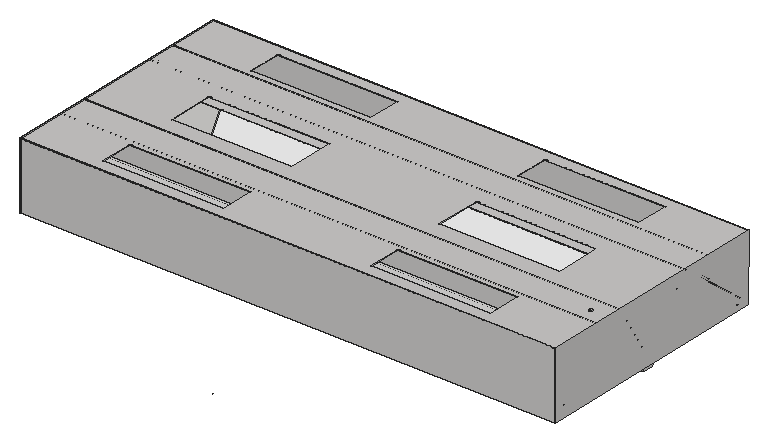
Revit family "QF_ELECTROLUXPROFESSIONAL_640238_STCF1840", category Specialty Equipment, Revit 2014
Reference planes
  plane 1: z = 0
  plane 2 "Center (Left/Right)": x = 150
  plane 3 "LEFT": x = -1850
  plane 4 "RIGHT": x = 2150
  plane 5 "BACK": y = 550
  plane 6 "TOP": z = 2500
  plane 7 "Base": z = 2000
  plane 8: z = 1955
  plane 9: x = -1847
  plane 10 "DrainX": x = 2030
  plane 11 "AOLeft2": x = -400
  plane 12 "AORight1": x = 700
  plane 13: x = 2147
  plane 14: x = -1650
  plane 15: x = 1950
  plane 16 "Center (Front/Back)": y = -350
  plane 17 "Front": y = -1250
  plane 18 "AOLeft1": x = -1300
  plane 19 "AORight2": x = 1600
  plane 20 "EI_y": y = -770
  plane 21 "EIx": x = 2030
  plane 22: y = 464
  plane 23: y = 214
  plane 24: y = -1164
  plane 25: y = -914
  plane 26: y = -175
  plane 27: y = -525
Forms (mm)
  Extrusion 1, solid, material "QF_Finishes_Stainless Steel"
    sketch origin (-1850, 0, 360) x (0, 1, 0) y (0, 0, 1)
      loop
        line (550, 1640) -> (550, 2140) -> (-1250, 2140) -> (-1250, 1640) -> (550, 1640)
    from 0 to 3
  Extrusion 2, solid, material "QF_Finishes_Stainless Steel"
    sketch origin (2150, 0, 360) x (0, 1, 0) y (0, 0, 1)
      loop
        line (550, 1640) -> (550, 2140) -> (-1250, 2140) -> (-1250, 1640) -> (550, 1640)
    from 0 to -3
  Extrusion 3, solid, material "QF_Finishes_Stainless Steel"
    sketch origin (150, 0, 360) x (0, 1, 0) y (0, 0, 1)
      loop
        line (-1250, 2140) -> (-1250, 1640) -> (-1240, 1640) -> (-1240, 1640.8) -> (-1249.2, 1640.8) -> (-1249.2, 2139.19) -> (549.2, 2139.19) -> (549.2, 1640.8) -> (540, 1640.8) -> (540, 1640) -> (550, 1640) -> (550, 2140) -> (-1250, 2140)
    from -2000 to 2000
  Extrusion 4, solid, material "QF_Finishes_Stainless Steel"
    sketch origin (0, -840, 2000) x (0, 1, 0) y (-1, 0, 0)
      loop
        circle (490, -2030) r 4.763
    from -30 to 0
  Extrusion 5, void
    sketch origin (0, 0, 2500) x (0, 1, 0) y (-1, 0, 0)
      loop
        line (-1164, 400) -> (-914, 400) -> (-914, 1300) -> (-1164, 1300) -> (-1164, 400)
    from 0 to -10
  Extrusion 6, solid, material "QF_Finishes_Stainless Steel"
    sketch origin (0, 0, 0) x (1, 0, 0) y (0, 1, 0)
      loop
        line (-1850, 550) -> (-1850, 549) -> (-1849, 549) -> (-1849, 550) -> (-1850, 550)
    from 0 to 1
  Sweep 7, solid, material "QF_Finishes_Stainless Steel"
    path origin (0, 0, 0) x (1, 0, 0) y (0, 1, 0)
      loop
        line (2150, 550) -> (-1850, 550) -> (-1850, -1250) -> (2150, -1250) -> (2150, 550)
    profile origin (2150, -350, 0) x (1, 0, 0) y (0, 0, 1)
      loop
        line (-3, 2000) -> (-3, 2000.8) -> (-19, 2000.8) -> (-19, 2010) -> (-20, 2010) -> (-20, 2000) -> (-3, 2000)
  Extrusion 8, solid, material "QF_Finishes_Stainless Steel"
    sketch origin (150, -826.94, 0) x (0, 1, 0) y (0, 0, 1)
      loop
        line (414.66, 2095.469) -> (440.643, 2110.471) -> (261.744, 2411.771) -> (235.948, 2396.455) -> (414.66, 2095.469)
    from -1997 to -1800
  Extrusion 9, void
    sketch origin (1134.605, 0, 2500) x (0, 1, 0) y (-1, 0, 0)
      loop
        line (-1164, -465.395) -> (-914, -465.395) -> (-914, 434.605) -> (-1164, 434.605) -> (-1164, -465.395)
    from 0 to -10
  Extrusion 10, solid, material "QF_Finishes_Stainless Steel"
    sketch origin (2030, -840, 0) x (0, 1, 0) y (0, 0, 1)
      loop
        line (539, 2000) -> (441, 2000) -> (441, 1989) -> (448.5, 1989) -> (448.5, 1965)
        arc (448.5, 1965) -> (451.429, 1957.929) -> (458.5, 1955) r 10
        line (458.5, 1955) -> (521.5, 1955)
        arc (521.5, 1955) -> (528.571, 1957.929) -> (531.5, 1965) r 10
        line (531.5, 1965) -> (531.5, 1989) -> (539, 1989) -> (539, 2000)
    from 90 to -90
  Extrusion 11, solid, material "QF_Finishes_Stainless Steel"
    sketch origin (150, -826.94, 0) x (0, 1, 0) y (0, 0, 1)
      loop
        line (414.66, 2095.469) -> (440.643, 2110.471) -> (261.744, 2411.771) -> (235.948, 2396.455) -> (414.66, 2095.469)
    from 1800 to 1997
  Extrusion 12, solid, material "QF_Finished_Chrome"
    sketch origin (150, -826.94, 0) x (0, 1, 0) y (0, 0, 1)
      loop
        line (414.66, 2095.469) -> (440.643, 2110.471) -> (261.744, 2411.771) -> (235.948, 2396.455) -> (414.66, 2095.469)
    from -1800 to 1800
  Extrusion 13, void
    sketch origin (0, 1180, 2500) x (0, 1, 0) y (-1, 0, 0)
      loop
        line (-1355, 400) -> (-1355, 1300) -> (-1705, 1300) -> (-1705, 400) -> (-1355, 400)
    from 0 to -10
  Extrusion 14, void
    sketch origin (1600, 1180, 2500) x (0, 1, 0) y (-1, 0, 0)
      loop
        line (-1355, 0) -> (-1355, 900) -> (-1705, 900) -> (-1705, 0) -> (-1355, 0)
    from 0 to -10
  Extrusion 15, solid, material "QF_Finishes_Stainless Steel"
    sketch origin (0, 0, 2500) x (0, 1, 0) y (-1, 0, 0)
      loop
        circle (-770, -2030) r 10
    from 0 to 1.6
  Extrusion 16, solid, material "QF_Finishes_Stainless Steel"
    sketch origin (150, -826.94, 360) x (0, 1, 0) y (0, 0, 1)
      loop
        line (430.005, 1640) -> (476.94, 1640) -> (476.94, 1640.8) -> (430.467, 1640.8) -> (371.906, 1742.23) -> (414.858, 1734.657) -> (442.266, 1750.481) -> (442.266, 1765.943) -> (441.466, 1765.943) -> (441.466, 1750.943) -> (414.709, 1735.495) -> (321.153, 1751.991) -> (320.875, 1750.416) -> (371.4, 1741.507) -> (430.005, 1640)
      loop
        line (172.529, 2139.19) -> (242.893, 2017.316) -> (245.133, 2018.715) -> (240.13, 2027.381) -> (238.569, 2026.405) -> (173.453, 2139.19) -> (172.529, 2139.19)
    from -1997 to 1997
  Extrusion 17, solid, material "QF_LAMPS"
    sketch origin (150, 0, 360) x (0, 1, 0) y (0, 0, 1)
      loop
        line (-872.823, 1962.324) -> (-718.948, 2086.929) -> (-727.129, 2097.032) -> (-881.003, 1972.426) -> (-872.823, 1962.324)
    from 1997 to -1997
  Extrusion 18, solid, material "QF_Finishes_Stainless Steel"
    sketch origin (150, 0, 360) x (0, 1, 0) y (0, 0, 1)
      loop
        line (-1250, 2139.19) -> (-1250, 1640) -> (-1186.602, 1640) -> (-1099.146, 1690.493) -> (-1110.058, 1709.394) -> (-1166.564, 1676.77) -> (-1214.704, 1680.982) -> (-1249.2, 1730.248) -> (-1249.2, 2139.19) -> (-1250, 2139.19)
      loop
        line (-873.6, 1961.694) -> (-881.937, 1971.99) -> (-869.095, 1982.182) -> (-869.095, 2139.19) -> (-869.895, 2139.19) -> (-869.895, 1982.569) -> (-1182.298, 1734.63) -> (-1171.091, 1720.79) -> (-873.6, 1961.694)
      loop
        line (-727.61, 2099.216) -> (-718.171, 2087.559) -> (-654.411, 2139.19) -> (-655.682, 2139.19) -> (-718.052, 2088.684) -> (-726.989, 2099.719) -> (-727.61, 2099.216)
    from -1997 to 1997
  Extrusion 19, solid, material "QF_Finishes_Stainless Steel"
    sketch origin (150, 126.94, 360) x (0, -1, 0) y (0, 0, -1)
      loop
        line (430.005, -1640) -> (371.4, -1741.507) -> (320.875, -1750.416) -> (321.153, -1751.991) -> (414.709, -1735.495) -> (441.466, -1750.943) -> (441.466, -1765.943) -> (442.266, -1765.943) -> (442.266, -1750.481) -> (414.858, -1734.657) -> (371.906, -1742.23) -> (430.467, -1640.8) -> (476.94, -1640.8) -> (476.94, -1640) -> (430.005, -1640)
      loop
        line (172.529, -2139.19) -> (173.453, -2139.19) -> (238.569, -2026.405) -> (240.13, -2027.381) -> (245.133, -2018.715) -> (242.893, -2017.316) -> (172.529, -2139.19)
    from -1997 to 1997
  Extrusion 20, solid, material "QF_LAMPS"
    sketch origin (150, -700, 360) x (0, -1, 0) y (0, 0, -1)
      loop
        line (-872.823, -1962.324) -> (-881.003, -1972.426) -> (-727.129, -2097.032) -> (-718.948, -2086.929) -> (-872.823, -1962.324)
    from 1997 to -1997
  Extrusion 21, solid, material "QF_Finishes_Stainless Steel"
    sketch origin (150, -700, 360) x (0, -1, 0) y (0, 0, -1)
      loop
        line (-1250, -2139.19) -> (-1249.2, -2139.19) -> (-1249.2, -1730.248) -> (-1214.704, -1680.982) -> (-1166.564, -1676.77) -> (-1110.058, -1709.394) -> (-1099.146, -1690.493) -> (-1186.602, -1640) -> (-1250, -1640) -> (-1250, -2139.19)
      loop
        line (-873.6, -1961.694) -> (-1171.091, -1720.79) -> (-1182.298, -1734.63) -> (-869.895, -1982.569) -> (-869.895, -2139.19) -> (-869.095, -2139.19) -> (-869.095, -1982.182) -> (-881.937, -1971.99) -> (-873.6, -1961.694)
      loop
        line (-727.61, -2099.216) -> (-726.989, -2099.719) -> (-718.052, -2088.684) -> (-655.682, -2139.19) -> (-654.411, -2139.19) -> (-718.171, -2087.559) -> (-727.61, -2099.216)
    from -1997 to 1997
  Extrusion 22, solid, material "QF_Finishes_Stainless Steel"
    sketch origin (150, 126.94, 0) x (0, -1, 0) y (0, 0, -1)
      loop
        line (414.66, -2095.469) -> (235.948, -2396.455) -> (261.744, -2411.771) -> (440.643, -2110.471) -> (414.66, -2095.469)
    from -1997 to -1400
  Extrusion 23, solid, material "QF_Finishes_Stainless Steel"
    sketch origin (150, 126.94, 0) x (0, -1, 0) y (0, 0, -1)
      loop
        line (414.66, -2095.469) -> (235.948, -2396.455) -> (261.744, -2411.771) -> (440.643, -2110.471) -> (414.66, -2095.469)
    from 1400 to 1997
  Extrusion 24, solid, material "QF_Finished_Chrome"
    sketch origin (150, 126.94, 0) x (0, -1, 0) y (0, 0, -1)
      loop
        line (414.66, -2095.469) -> (235.948, -2396.455) -> (261.744, -2411.771) -> (440.643, -2110.471) -> (414.66, -2095.469)
    from -1800 to 1800
  Extrusion 25, void
    sketch origin (0, 814, 2500) x (0, 1, 0) y (-1, 0, 0)
      loop
        line (-600, 400) -> (-350, 400) -> (-350, 1300) -> (-600, 1300) -> (-600, 400)
    from 0 to -10
  Extrusion 26, void
    sketch origin (1134.605, 814, 2500) x (0, 1, 0) y (-1, 0, 0)
      loop
        line (-600, -465.395) -> (-350, -465.395) -> (-350, 434.605) -> (-600, 434.605) -> (-600, -465.395)
    from 0 to -10
  Extrusion 27, solid, material "QF_Finishes_Stainless Steel"
    sketch origin (150, 126.94, 0) x (0, -1, 0) y (0, 0, -1)
      loop
        line (414.66, -2095.469) -> (235.948, -2396.455) -> (261.744, -2411.771) -> (440.643, -2110.471) -> (414.66, -2095.469)
    from -1997 to -1800
  Extrusion 28, solid, material "QF_Finishes_Stainless Steel"
    sketch origin (150, 126.94, 0) x (0, -1, 0) y (0, 0, -1)
      loop
        line (414.66, -2095.469) -> (235.948, -2396.455) -> (261.744, -2411.771) -> (440.643, -2110.471) -> (414.66, -2095.469)
    from 1997 to 1800
Cuts and joins
  Extrusion 5, Extrusion 9, Extrusion 13, Extrusion 14, Extrusion 25, Extrusion 26 cuts Extrusion 3
  joined: Extrusion 2, Extrusion 3, Sweep 7
Lines and regions (mm)
  symbolic lines, style "SpecialityEquipment", detail levels coarse
    curve 1: line (2150, 550, 2500) -> (-1850, 550, 2500)
    curve 2: line (-1850, 550, 2500) -> (-1850, -1250, 2500)
    curve 3: line (2150, -1250, 2500) -> (2150, 550, 2500)
    curve 4: line (-1850, 550, 0) -> (2150, -1250, 0)
    curve 5: line (2150, 550, 0) -> (-1850, -1250, 0)
    curve 6: line (-1850, -1250, 0) -> (2150, -1250, 0)
  symbolic lines, detail levels coarse
    curve 7: line (-1300, 464, 2500) -> (-400, 464, 2500)
    curve 8: line (-1300, 214, 2500) -> (-1300, 464, 2500)
    curve 9: line (-400, 214, 2500) -> (-1300, 214, 2500)
    curve 10: line (-400, 464, 2500) -> (-400, 214, 2500)
    curve 11: line (700, 464, 2500) -> (1600, 464, 2500)
    curve 12: line (700, 214, 2500) -> (700, 464, 2500)
    curve 13: line (1600, 214, 2500) -> (700, 214, 2500)
    curve 14: line (1600, 464, 2500) -> (1600, 214, 2500)
    curve 15: line (700, -175, 2500) -> (1600, -175, 2500)
    curve 16: line (700, -525, 2500) -> (700, -175, 2500)
    curve 17: line (1600, -525, 2500) -> (700, -525, 2500)
    curve 18: line (1600, -175, 2500) -> (1600, -525, 2500)
    curve 19: line (700, -914, 2500) -> (1600, -914, 2500)
    curve 20: line (700, -1164, 2500) -> (700, -914, 2500)
    curve 21: line (1600, -1164, 2500) -> (700, -1164, 2500)
    curve 22: line (1600, -914, 2500) -> (1600, -1164, 2500)
    curve 23: line (-1300, -914, 2500) -> (-400, -914, 2500)
    curve 24: line (-1300, -1164, 2500) -> (-1300, -914, 2500)
    curve 25: line (-400, -1164, 2500) -> (-1300, -1164, 2500)
    curve 26: line (-400, -914, 2500) -> (-400, -1164, 2500)
    curve 27: line (-1300, -175, 2500) -> (-400, -175, 2500)
    curve 28: line (-1300, -525, 2500) -> (-1300, -175, 2500)
    curve 29: line (-400, -525, 2500) -> (-1300, -525, 2500)
    curve 30: line (-400, -175, 2500) -> (-400, -525, 2500)
Dimensions and locks
  plane 3 "LEFT" to plane 4 "RIGHT" = 4000 mm
  equal spacing: plane 3 "LEFT", plane 2 "Center (Left/Right)", plane 4 "RIGHT"
  plane 7 "Base" to plane 8 = 45 mm
  plane 3 "LEFT" to plane 9 = 3 mm
  plane 10 "DrainX" to plane 4 "RIGHT" = 120 mm
  plane 13 to plane 4 "RIGHT" = 3 mm
  plane 3 "LEFT" to plane 14 = 200 mm
  plane 15 to plane 4 "RIGHT" = 200 mm
  locked: plane 11 "AOLeft2" to plane 12 "AORight1" at 1100
  equal spacing: plane 11 "AOLeft2", plane 2 "Center (Left/Right)", plane 12 "AORight1"
  locked: plane 7 "Base" to level at 2000
  locked: plane 6 "TOP" to plane 7 "Base" at 500
  equal spacing: plane 5 "BACK", plane 16 "Center (Front/Back)", plane 17 "Front"
  locked: plane 18 "AOLeft1" to plane 11 "AOLeft2" at 900
  locked: plane 12 "AORight1" to plane 19 "AORight2" at 900
  locked: plane 20 "EI_y" to plane 17 "Front" at 480
  locked: plane 21 "EIx" to plane 4 "RIGHT" at 120
  locked: plane 5 "BACK" to plane 22 at 86
  plane 22 to plane 23 = 250 mm
  locked: plane 24 to plane 17 "Front" at 86
  locked: plane 24 to plane 25 at 250
  plane 26 to plane 16 "Center (Front/Back)" = 175 mm
  plane 16 "Center (Front/Back)" to plane 27 = 175 mm
  locked: plane 5 "BACK" to plane 17 "Front" at 1800
  plane 5 "BACK" to plane 17 "Front" = 1800 mm
  plane 26 to plane 27 = 350 mm
  aligned and locked: level to plane 1
  aligned and locked: plane 4 "RIGHT" to Extrusion 3
  aligned and locked: Extrusion 3 to plane 3 "LEFT"
  aligned and locked: Extrusion 2 to plane 13
  aligned and locked: Extrusion 8 to plane 9
  aligned and locked: plane 18 "AOLeft1" to Extrusion 5
  aligned and locked: Extrusion 5 to plane 11 "AOLeft2"
  aligned and locked: Extrusion 9 to plane 19 "AORight2"
  aligned and locked: plane 12 "AORight1" to Extrusion 9
  aligned and locked: plane 14 to Extrusion 8
  aligned and locked: plane 15 to Extrusion 11
  aligned and locked: plane 13 to Extrusion 11
  aligned and locked: Extrusion 12 to plane 14
  aligned and locked: Extrusion 12 to plane 15
  aligned and locked: plane 12 "AORight1" to Extrusion 14
  aligned and locked: plane 19 "AORight2" to Extrusion 14
  aligned and locked: Extrusion 13 to plane 18 "AOLeft1"
  aligned and locked: Extrusion 13 to plane 11 "AOLeft2"
  aligned and locked: Extrusion 16 to plane 9
  aligned and locked: plane 13 to Extrusion 16
  aligned and locked: Extrusion 24 to plane 14
  aligned and locked: Extrusion 24 to plane 15
  aligned and locked: plane 24 to Extrusion 5
  aligned and locked: Extrusion 5 to plane 25
  aligned and locked: Extrusion 9 to plane 25
  aligned and locked: plane 24 to Extrusion 9
  aligned and locked: Extrusion 25 to plane 18 "AOLeft1"
  aligned and locked: Extrusion 25 to plane 11 "AOLeft2"
  aligned and locked: plane 12 "AORight1" to Extrusion 26
  aligned and locked: plane 19 "AORight2" to Extrusion 26
  aligned and locked: plane 26 to Extrusion 13
  aligned and locked: Extrusion 13 to plane 27
  aligned and locked: plane 26 to Extrusion 14
  aligned and locked: Extrusion 14 to plane 27
  aligned and locked: plane 22 to Extrusion 25
  aligned and locked: Extrusion 25 to plane 23
  aligned and locked: plane 22 to Extrusion 26
  aligned and locked: Extrusion 26 to plane 23
  aligned and locked: Extrusion 21 to plane 9
  aligned and locked: Extrusion 20 to plane 9
  aligned and locked: Extrusion 19 to plane 9
  aligned and locked: plane 9 to Extrusion 22
  aligned and locked: Extrusion 18 to plane 9
  aligned and locked: Extrusion 17 to plane 9
  aligned and locked: plane 13 to Extrusion 21
  aligned and locked: plane 13 to Extrusion 20
  aligned and locked: plane 13 to Extrusion 19
  aligned and locked: Extrusion 23 to plane 13
  aligned and locked: plane 13 to Extrusion 17
  aligned and locked: Extrusion 18 to plane 13
  aligned and locked: plane 14 to Extrusion 27
  aligned and locked: Extrusion 27 to plane 9
  aligned and locked: Extrusion 28 to plane 13
  aligned and locked: plane 15 to Extrusion 28
Automatic sketch dimensions
  curve 6 to plane 3 "LEFT" = 0 mm
  curve 4 to plane 3 "LEFT" = 0 mm
  curve 5 to plane 4 "RIGHT" = 0 mm
  curve 6 to plane 4 "RIGHT" = 0 mm
  curve 4 to plane 17 "Front" = 0 mm
  curve 5 to plane 5 "BACK" = 0 mm
  curve 4 to plane 5 "BACK" = 0 mm
  Extrusion 1 sketch curve to plane 7 "Base" = 0 mm
  Extrusion 1 sketch curve to plane 17 "Front" = 0 mm
  Extrusion 1 sketch curve to plane 5 "BACK" = 0 mm
  Extrusion 1 sketch curve to plane 6 "TOP" = 0 mm
  Extrusion 2 sketch curve to plane 7 "Base" = 0 mm
  Extrusion 2 sketch curve to plane 17 "Front" = 0 mm
  Extrusion 2 sketch curve to plane 5 "BACK" = 0 mm
  Extrusion 2 sketch curve to plane 6 "TOP" = 0 mm
  Extrusion 3 sketch curve to plane 6 "TOP" = 0 mm
  Extrusion 3 sketch curve to plane 17 "Front" = 0 mm
  Extrusion 3 sketch curve to plane 7 "Base" = 0 mm  (x2)
  Extrusion 3 sketch curve to plane 5 "BACK" = 0 mm
  plane 17 "Front" to Extrusion 3 sketch curve = 0.8 mm
  Extrusion 3 sketch curve to Extrusion 3 sketch curve = 9.2 mm
  plane 7 "Base" to Extrusion 3 sketch curve = 0.8 mm  (x2)
  Extrusion 3 sketch curve to plane 5 "BACK" = 10 mm
  Extrusion 3 sketch curve to plane 5 "BACK" = 0.8 mm
  Extrusion 3 sketch curve to plane 6 "TOP" = 0.81 mm
  Extrusion 4 sketch curve to plane 10 "DrainX" = 0 mm
  Extrusion 4 sketch curve to plane 16 "Center (Front/Back)" = 0 mm
  Extrusion 5 sketch curve to plane 18 "AOLeft1" = 0 mm
  plane 24 to Extrusion 5 sketch curve = 0 mm
  Extrusion 5 sketch curve to plane 11 "AOLeft2" = 0 mm
  plane 25 to Extrusion 5 sketch curve = 0 mm
  Extrusion 6 sketch curve to plane 3 "LEFT" = 0 mm
  Extrusion 6 sketch curve to plane 5 "BACK" = 0 mm
  plane 3 "LEFT" to Extrusion 6 sketch curve = 1 mm
  Extrusion 6 sketch curve to Extrusion 6 sketch curve = 1 mm
  Sweep 7 sketch curve to plane 3 "LEFT" = 0 mm
  Sweep 7 sketch curve to plane 4 "RIGHT" = 0 mm
  Sweep 7 sketch curve to plane 17 "Front" = 0 mm
  Sweep 7 sketch curve to plane 5 "BACK" = 0 mm
  profile plane to Sweep 7 sketch curve = 20 mm
  Sweep 7 sketch curve to Sweep 7 sketch curve = 1 mm
  profile plane to Sweep 7 sketch curve = 3 mm
  level to Sweep 7 sketch curve = 2000 mm
  Sweep 7 sketch curve to Sweep 7 sketch curve = 0.8 mm
  Sweep 7 sketch curve to Sweep 7 sketch curve = 9.2 mm
  Extrusion 8 sketch curve to plane 27 = 65.992 mm
  Extrusion 8 sketch curve to Extrusion 8 sketch curve = 25.795 mm
  Extrusion 8 sketch curve to plane 16 "Center (Front/Back)" = 62.28 mm
  Extrusion 8 sketch curve to Extrusion 8 sketch curve = 25.983 mm
  plane 7 "Base" to Extrusion 8 sketch curve = 95.469 mm
  Extrusion 8 sketch curve to Extrusion 8 sketch curve = 15.001 mm
  Extrusion 8 sketch curve to plane 6 "TOP" = 103.545 mm
  Extrusion 8 sketch curve to Extrusion 8 sketch curve = 15.316 mm
  Extrusion 9 sketch curve to plane 12 "AORight1" = 0 mm
  plane 24 to Extrusion 9 sketch curve = 0 mm
  Extrusion 9 sketch curve to plane 19 "AORight2" = 0 mm
  plane 25 to Extrusion 9 sketch curve = 0 mm
  Extrusion 10 sketch curve to plane 8 = 0 mm
  Extrusion 10 sketch curve to plane 7 "Base" = 11 mm  (x2)
  Extrusion 10 sketch curve to plane 16 "Center (Front/Back)" = 49 mm
  Extrusion 10 sketch curve to Extrusion 10 sketch curve = 7.5 mm  (x2)
  Extrusion 10 sketch curve to Extrusion 10 sketch curve = 10 mm  (x2)
  plane 16 "Center (Front/Back)" to Extrusion 10 sketch curve = 31.5 mm
  plane 7 "Base" to Extrusion 10 sketch curve = 0 mm
  Extrusion 11 sketch curve to plane 27 = 65.992 mm
  Extrusion 11 sketch curve to Extrusion 11 sketch curve = 25.795 mm
  Extrusion 11 sketch curve to plane 16 "Center (Front/Back)" = 62.28 mm
  Extrusion 11 sketch curve to Extrusion 11 sketch curve = 25.983 mm
  plane 7 "Base" to Extrusion 11 sketch curve = 95.469 mm
  Extrusion 11 sketch curve to Extrusion 11 sketch curve = 15.001 mm
  Extrusion 11 sketch curve to plane 6 "TOP" = 103.545 mm
  Extrusion 11 sketch curve to Extrusion 11 sketch curve = 15.316 mm
  Extrusion 12 sketch curve to plane 27 = 65.992 mm
  Extrusion 12 sketch curve to Extrusion 12 sketch curve = 25.795 mm
  Extrusion 12 sketch curve to plane 16 "Center (Front/Back)" = 62.28 mm
  Extrusion 12 sketch curve to Extrusion 12 sketch curve = 25.983 mm
  plane 7 "Base" to Extrusion 12 sketch curve = 95.469 mm
  Extrusion 12 sketch curve to Extrusion 12 sketch curve = 15.001 mm
  Extrusion 12 sketch curve to plane 6 "TOP" = 103.545 mm
  Extrusion 12 sketch curve to Extrusion 12 sketch curve = 15.316 mm
  Extrusion 13 sketch curve to plane 11 "AOLeft2" = 0 mm
  Extrusion 13 sketch curve to plane 27 = 0 mm
  Extrusion 13 sketch curve to plane 26 = 0 mm
  Extrusion 13 sketch curve to plane 18 "AOLeft1" = 0 mm
  Extrusion 14 sketch curve to plane 19 "AORight2" = 0 mm
  Extrusion 14 sketch curve to plane 27 = 0 mm
  Extrusion 14 sketch curve to plane 26 = 0 mm
  Extrusion 14 sketch curve to plane 12 "AORight1" = 0 mm
  Extrusion 15 sketch curve to plane 20 "EI_y" = 0 mm
  Extrusion 15 sketch curve to plane 21 "EIx" = 0 mm
  Extrusion 16 sketch curve to plane 7 "Base" = 0 mm
  Extrusion 16 sketch curve to plane 6 "TOP" = 0.81 mm
  plane 20 "EI_y" to Extrusion 16 sketch curve = 115.589 mm
  Extrusion 16 sketch curve to Extrusion 16 sketch curve = 0.924 mm
  Extrusion 16 sketch curve to plane 27 = 63.371 mm
  Extrusion 16 sketch curve to Extrusion 16 sketch curve = 1.561 mm
  Extrusion 16 sketch curve to Extrusion 16 sketch curve = 4.324 mm
  Extrusion 16 sketch curve to Extrusion 16 sketch curve = 2.24 mm
  plane 27 to Extrusion 16 sketch curve = 18.935 mm
  Extrusion 16 sketch curve to Extrusion 16 sketch curve = 0.278 mm
  Extrusion 16 sketch curve to Extrusion 16 sketch curve = 50.525 mm
  Extrusion 16 sketch curve to Extrusion 16 sketch curve = 0.506 mm
  Extrusion 16 sketch curve to Extrusion 16 sketch curve = 42.803 mm
  Extrusion 16 sketch curve to Extrusion 16 sketch curve = 0.148 mm
  Extrusion 16 sketch curve to plane 16 "Center (Front/Back)" = 46.935 mm
  plane 7 "Base" to Extrusion 16 sketch curve = 0.8 mm
  Extrusion 16 sketch curve to Extrusion 16 sketch curve = 0.462 mm  (x2)
  Extrusion 16 sketch curve to Extrusion 16 sketch curve = 46.473 mm
  Extrusion 16 sketch curve to plane 16 "Center (Front/Back)" = 35.474 mm
  Extrusion 16 sketch curve to Extrusion 16 sketch curve = 0.8 mm
  plane 7 "Base" to Extrusion 16 sketch curve = 94.657 mm
  Extrusion 16 sketch curve to Extrusion 16 sketch curve = 0.838 mm
  Extrusion 16 sketch curve to Extrusion 16 sketch curve = 6.012 mm
  Extrusion 16 sketch curve to Extrusion 16 sketch curve = 0.723 mm
  Extrusion 16 sketch curve to Extrusion 16 sketch curve = 14.986 mm
  Extrusion 16 sketch curve to Extrusion 16 sketch curve = 15 mm
  Extrusion 16 sketch curve to plane 6 "TOP" = 122.684 mm
  Extrusion 16 sketch curve to Extrusion 16 sketch curve = 1.399 mm
  Extrusion 16 sketch curve to Extrusion 16 sketch curve = 9.089 mm
  Extrusion 16 sketch curve to Extrusion 16 sketch curve = 0.975 mm
  Extrusion 17 sketch curve to plane 25 = 32.997 mm
  Extrusion 17 sketch curve to Extrusion 17 sketch curve = 8.181 mm  (x2)
  plane 20 "EI_y" to Extrusion 17 sketch curve = 42.871 mm
  Extrusion 17 sketch curve to plane 6 "TOP" = 177.676 mm
  Extrusion 17 sketch curve to Extrusion 17 sketch curve = 10.102 mm
  Extrusion 17 sketch curve to plane 6 "TOP" = 53.071 mm
  Extrusion 17 sketch curve to Extrusion 17 sketch curve = 10.103 mm
  Extrusion 18 sketch curve to plane 7 "Base" = 0 mm
  Extrusion 18 sketch curve to plane 17 "Front" = 0 mm
  Extrusion 18 sketch curve to Extrusion 18 sketch curve = 0.8 mm  (x2)
  plane 17 "Front" to Extrusion 18 sketch curve = 35.296 mm
  plane 24 to Extrusion 18 sketch curve = 22.602 mm
  plane 24 to Extrusion 18 sketch curve = 18.298 mm
  plane 24 to Extrusion 18 sketch curve = 7.091 mm
  plane 24 to Extrusion 18 sketch curve = 2.564 mm
  Extrusion 18 sketch curve to plane 24 = 53.942 mm
  Extrusion 18 sketch curve to Extrusion 18 sketch curve = 10.912 mm
  Extrusion 18 sketch curve to plane 25 = 32.063 mm
  Extrusion 18 sketch curve to Extrusion 18 sketch curve = 8.337 mm
  Extrusion 18 sketch curve to Extrusion 18 sketch curve = 12.042 mm
  plane 20 "EI_y" to Extrusion 18 sketch curve = 42.39 mm
  Extrusion 18 sketch curve to Extrusion 18 sketch curve = 0.622 mm
  Extrusion 18 sketch curve to Extrusion 18 sketch curve = 9.44 mm
  Extrusion 18 sketch curve to Extrusion 18 sketch curve = 0.118 mm
  Extrusion 18 sketch curve to plane 6 "TOP" = 0.81 mm  (x3)
  Extrusion 18 sketch curve to Extrusion 18 sketch curve = 62.37 mm
  Extrusion 18 sketch curve to Extrusion 18 sketch curve = 1.271 mm
  plane 7 "Base" to Extrusion 18 sketch curve = 36.77 mm
  plane 7 "Base" to Extrusion 18 sketch curve = 40.982 mm
  plane 7 "Base" to Extrusion 18 sketch curve = 50.493 mm
  Extrusion 18 sketch curve to Extrusion 18 sketch curve = 18.901 mm
  Extrusion 18 sketch curve to Extrusion 18 sketch curve = 44.02 mm
  Extrusion 18 sketch curve to Extrusion 18 sketch curve = 49.266 mm
  Extrusion 18 sketch curve to Extrusion 18 sketch curve = 13.84 mm
  Extrusion 18 sketch curve to plane 6 "TOP" = 178.306 mm
  Extrusion 18 sketch curve to Extrusion 18 sketch curve = 10.296 mm
  Extrusion 18 sketch curve to Extrusion 18 sketch curve = 10.192 mm
  Extrusion 18 sketch curve to Extrusion 18 sketch curve = 0.386 mm
  Extrusion 18 sketch curve to plane 6 "TOP" = 52.441 mm
  Extrusion 18 sketch curve to Extrusion 18 sketch curve = 1.125 mm
  Extrusion 19 sketch curve to plane 7 "Base" = 0 mm
  plane 6 "TOP" to Extrusion 19 sketch curve = 0.81 mm
  Extrusion 19 sketch curve to plane 26 = 129.411 mm
  Extrusion 19 sketch curve to Extrusion 19 sketch curve = 0.924 mm
  Extrusion 19 sketch curve to plane 26 = 63.371 mm
  Extrusion 19 sketch curve to Extrusion 19 sketch curve = 1.561 mm
  Extrusion 19 sketch curve to Extrusion 19 sketch curve = 4.324 mm
  Extrusion 19 sketch curve to Extrusion 19 sketch curve = 2.24 mm
  plane 26 to Extrusion 19 sketch curve = 18.935 mm
  Extrusion 19 sketch curve to Extrusion 19 sketch curve = 0.278 mm
  Extrusion 19 sketch curve to Extrusion 19 sketch curve = 50.525 mm
  Extrusion 19 sketch curve to Extrusion 19 sketch curve = 0.506 mm
  Extrusion 19 sketch curve to Extrusion 19 sketch curve = 42.803 mm
  Extrusion 19 sketch curve to Extrusion 19 sketch curve = 0.148 mm
  Extrusion 19 sketch curve to plane 16 "Center (Front/Back)" = 46.935 mm
  Extrusion 19 sketch curve to plane 7 "Base" = 0.8 mm
  Extrusion 19 sketch curve to Extrusion 19 sketch curve = 0.462 mm  (x2)
  Extrusion 19 sketch curve to Extrusion 19 sketch curve = 46.473 mm
  Extrusion 19 sketch curve to plane 16 "Center (Front/Back)" = 35.474 mm
  Extrusion 19 sketch curve to Extrusion 19 sketch curve = 0.8 mm
  Extrusion 19 sketch curve to plane 7 "Base" = 94.657 mm
  Extrusion 19 sketch curve to Extrusion 19 sketch curve = 0.838 mm
  Extrusion 19 sketch curve to Extrusion 19 sketch curve = 6.012 mm
  Extrusion 19 sketch curve to Extrusion 19 sketch curve = 0.723 mm
  Extrusion 19 sketch curve to Extrusion 19 sketch curve = 14.986 mm
  Extrusion 19 sketch curve to Extrusion 19 sketch curve = 15 mm
  plane 6 "TOP" to Extrusion 19 sketch curve = 122.684 mm
  Extrusion 19 sketch curve to Extrusion 19 sketch curve = 1.399 mm
  Extrusion 19 sketch curve to Extrusion 19 sketch curve = 9.089 mm
  Extrusion 19 sketch curve to Extrusion 19 sketch curve = 0.975 mm
  plane 23 to Extrusion 20 sketch curve = 32.997 mm
  Extrusion 20 sketch curve to Extrusion 20 sketch curve = 8.181 mm  (x2)
  plane 6 "TOP" to Extrusion 20 sketch curve = 42.968 mm
  plane 23 to Extrusion 20 sketch curve = 186.871 mm
  plane 6 "TOP" to Extrusion 20 sketch curve = 53.071 mm
  plane 6 "TOP" to Extrusion 20 sketch curve = 167.574 mm
  Extrusion 20 sketch curve to Extrusion 20 sketch curve = 10.102 mm
  Extrusion 21 sketch curve to plane 5 "BACK" = 0 mm
  Extrusion 21 sketch curve to plane 7 "Base" = 0 mm
  Extrusion 21 sketch curve to Extrusion 21 sketch curve = 0.8 mm  (x2)
  plane 5 "BACK" to Extrusion 21 sketch curve = 35.296 mm
  Extrusion 21 sketch curve to plane 22 = 22.602 mm
  Extrusion 21 sketch curve to plane 22 = 18.298 mm
  Extrusion 21 sketch curve to plane 22 = 7.091 mm
  Extrusion 21 sketch curve to plane 22 = 2.564 mm
  plane 22 to Extrusion 21 sketch curve = 53.942 mm
  Extrusion 21 sketch curve to Extrusion 21 sketch curve = 10.912 mm
  plane 23 to Extrusion 21 sketch curve = 32.063 mm
  Extrusion 21 sketch curve to Extrusion 21 sketch curve = 8.337 mm
  Extrusion 21 sketch curve to Extrusion 21 sketch curve = 12.042 mm
  plane 6 "TOP" to Extrusion 21 sketch curve = 40.784 mm
  Extrusion 21 sketch curve to Extrusion 21 sketch curve = 141.485 mm
  plane 6 "TOP" to Extrusion 21 sketch curve = 40.281 mm
  Extrusion 21 sketch curve to Extrusion 21 sketch curve = 0.622 mm
  plane 6 "TOP" to Extrusion 21 sketch curve = 52.441 mm
  plane 6 "TOP" to Extrusion 21 sketch curve = 51.316 mm
  plane 6 "TOP" to Extrusion 21 sketch curve = 0.81 mm  (x3)
  Extrusion 21 sketch curve to Extrusion 21 sketch curve = 62.37 mm
  Extrusion 21 sketch curve to Extrusion 21 sketch curve = 1.271 mm
  Extrusion 21 sketch curve to plane 7 "Base" = 36.77 mm
  Extrusion 21 sketch curve to plane 7 "Base" = 40.982 mm
  Extrusion 21 sketch curve to plane 7 "Base" = 50.493 mm
  Extrusion 21 sketch curve to Extrusion 21 sketch curve = 18.901 mm
  Extrusion 21 sketch curve to Extrusion 21 sketch curve = 44.02 mm
  Extrusion 21 sketch curve to Extrusion 21 sketch curve = 49.266 mm
  Extrusion 21 sketch curve to Extrusion 21 sketch curve = 13.84 mm
  plane 6 "TOP" to Extrusion 21 sketch curve = 178.306 mm
  Extrusion 21 sketch curve to Extrusion 21 sketch curve = 10.296 mm
  Extrusion 21 sketch curve to Extrusion 21 sketch curve = 10.192 mm
  Extrusion 21 sketch curve to Extrusion 21 sketch curve = 0.386 mm
  Extrusion 22 sketch curve to plane 26 = 65.992 mm
  Extrusion 22 sketch curve to Extrusion 22 sketch curve = 25.795 mm
  Extrusion 22 sketch curve to plane 16 "Center (Front/Back)" = 62.28 mm
  Extrusion 22 sketch curve to Extrusion 22 sketch curve = 25.983 mm
  Extrusion 22 sketch curve to plane 7 "Base" = 95.469 mm
  Extrusion 22 sketch curve to Extrusion 22 sketch curve = 15.001 mm
  plane 6 "TOP" to Extrusion 22 sketch curve = 103.545 mm
  Extrusion 22 sketch curve to Extrusion 22 sketch curve = 15.316 mm
  Extrusion 23 sketch curve to plane 26 = 65.992 mm
  Extrusion 23 sketch curve to Extrusion 23 sketch curve = 25.795 mm
  Extrusion 23 sketch curve to plane 16 "Center (Front/Back)" = 62.28 mm
  Extrusion 23 sketch curve to Extrusion 23 sketch curve = 25.983 mm
  Extrusion 23 sketch curve to plane 7 "Base" = 95.469 mm
  Extrusion 23 sketch curve to Extrusion 23 sketch curve = 15.001 mm
  plane 6 "TOP" to Extrusion 23 sketch curve = 103.545 mm
  Extrusion 23 sketch curve to Extrusion 23 sketch curve = 15.316 mm
  Extrusion 24 sketch curve to plane 26 = 65.992 mm
  Extrusion 24 sketch curve to Extrusion 24 sketch curve = 25.795 mm
  Extrusion 24 sketch curve to plane 16 "Center (Front/Back)" = 62.28 mm
  Extrusion 24 sketch curve to Extrusion 24 sketch curve = 25.983 mm
  Extrusion 24 sketch curve to plane 7 "Base" = 95.469 mm
  Extrusion 24 sketch curve to Extrusion 24 sketch curve = 15.001 mm
  plane 6 "TOP" to Extrusion 24 sketch curve = 103.545 mm
  Extrusion 24 sketch curve to Extrusion 24 sketch curve = 15.316 mm
  Extrusion 25 sketch curve to plane 18 "AOLeft1" = 0 mm
  Extrusion 25 sketch curve to plane 23 = 0 mm
  Extrusion 25 sketch curve to plane 11 "AOLeft2" = 0 mm
  Extrusion 25 sketch curve to plane 22 = 0 mm
  Extrusion 26 sketch curve to plane 12 "AORight1" = 0 mm
  Extrusion 26 sketch curve to plane 23 = 0 mm
  Extrusion 26 sketch curve to plane 19 "AORight2" = 0 mm
  Extrusion 26 sketch curve to plane 22 = 0 mm
  Extrusion 27 sketch curve to plane 26 = 65.992 mm
  Extrusion 27 sketch curve to Extrusion 27 sketch curve = 25.795 mm
  Extrusion 27 sketch curve to plane 16 "Center (Front/Back)" = 62.28 mm
  Extrusion 27 sketch curve to Extrusion 27 sketch curve = 25.983 mm
  Extrusion 27 sketch curve to plane 7 "Base" = 95.469 mm
  Extrusion 27 sketch curve to Extrusion 27 sketch curve = 15.001 mm
  plane 6 "TOP" to Extrusion 27 sketch curve = 103.545 mm
  Extrusion 27 sketch curve to Extrusion 27 sketch curve = 15.316 mm
  Extrusion 28 sketch curve to plane 26 = 65.992 mm
  Extrusion 28 sketch curve to Extrusion 28 sketch curve = 25.795 mm
  Extrusion 28 sketch curve to plane 16 "Center (Front/Back)" = 62.28 mm
  Extrusion 28 sketch curve to Extrusion 28 sketch curve = 25.983 mm
  Extrusion 28 sketch curve to plane 7 "Base" = 95.469 mm
  Extrusion 28 sketch curve to Extrusion 28 sketch curve = 15.001 mm
  plane 6 "TOP" to Extrusion 28 sketch curve = 103.545 mm
  Extrusion 28 sketch curve to Extrusion 28 sketch curve = 15.316 mm
  curve 2 to plane 3 "LEFT" = 0 mm
  curve 2 to plane 17 "Front" = 0 mm
  curve 3 to plane 4 "RIGHT" = 0 mm
  curve 3 to plane 17 "Front" = 0 mm
  curve 20 to plane 12 "AORight1" = 0 mm
  plane 24 to curve 20 = 0 mm
  curve 24 to plane 18 "AOLeft1" = 0 mm
  plane 24 to curve 24 = 0 mm
  plane 25 to curve 24 = 0 mm
  plane 25 to curve 19 = 0 mm
  curve 29 to plane 11 "AOLeft2" = 0 mm
  curve 29 to plane 27 = 0 mm
  curve 17 to plane 12 "AORight1" = 0 mm
  curve 17 to plane 27 = 0 mm
  curve 16 to plane 26 = 0 mm
  curve 27 to plane 26 = 0 mm
  curve 12 to plane 12 "AORight1" = 0 mm
  curve 12 to plane 23 = 0 mm
  curve 10 to plane 11 "AOLeft2" = 0 mm
  curve 10 to plane 23 = 0 mm
  curve 8 to plane 18 "AOLeft1" = 0 mm
  curve 8 to plane 22 = 0 mm
  curve 11 to plane 22 = 0 mm
  curve 1 to plane 5 "BACK" = 0 mm
  curve 15 to plane 19 "AORight2" = 0 mm
  curve 22 to plane 19 "AORight2" = 0 mm
  curve 14 to plane 19 "AORight2" = 0 mm
  curve 26 to plane 11 "AOLeft2" = 0 mm
  curve 29 to plane 18 "AOLeft1" = 0 mm
  radius of Extrusion 4 sketch curve = 4.763 mm
  radius of Extrusion 15 sketch curve = 10 mm
Connectors
  piping at (2030, -350, 1970), diameter 9.5
    settings: on Extrusion 4, index 1, connector inside diameter 609.6 mm, connector length 0 mm, flow factor 0, pipe flow 0.0 L/s, pressure drop 0.0 Pa, fitting loss kfactor 0, connector angle 0.00°, fixture units 0, engagement length 0 mm, angle of deflection 0.00°, flow configuration 1, flow direction 2, fitting loss method 0, system type 16, joint type 0, gender type 0, connector reference index -1, connector utility 0, adjustable connector no, is connector primary yes, connector description "Drain"
  hvac at (-850, -1039, 2500)
    settings: on Extrusion 5, index 2, duct flow 0.0 L/s, flow factor 0, pres drop 0.0 Pa, loss coef 0, conn angle 0.00°, conn width 250 mm, conn height 900 mm, conn diameter 609.6 mm, duct sys type 1, conn prof type 1, flow config 1, flow direction 1, loss method 0, conn ref index -1, conn util no, is conn primary yes, conn desc "AIR INLET"
  hvac at (1150, -1039, 2500)
    settings: on Extrusion 9, index 3, duct flow 0.0 L/s, flow factor 0, pres drop 0.0 Pa, loss coef 0, conn angle 0.00°, conn width 250 mm, conn height 900 mm, conn diameter 609.6 mm, duct sys type 1, conn prof type 1, flow config 1, flow direction 1, loss method 0, conn ref index -1, conn util no, is conn primary no, conn desc "AIR INLET"
  hvac at (-850, -350, 2500)
    settings: on Extrusion 13, index 4, duct flow 0.0 L/s, flow factor 0, pres drop 0.0 Pa, loss coef 0, conn angle 0.00°, conn width 350 mm, conn height 900 mm, conn diameter 609.6 mm, duct sys type 3, conn prof type 1, flow config 1, flow direction 2, loss method 0, conn ref index -1, conn util no, is conn primary no, conn desc "EXHAUST OUTLET"
  hvac at (1150, -350, 2500)
    settings: on Extrusion 14, index 5, duct flow 0.0 L/s, flow factor 0, pres drop 0.0 Pa, loss coef 0, conn angle 0.00°, conn width 350 mm, conn height 900 mm, conn diameter 609.6 mm, duct sys type 3, conn prof type 1, flow config 1, flow direction 2, loss method 0, conn ref index -1, conn util no, is conn primary no, conn desc "EXHAUST OUTLET"
  electrical at (2030, -770, 2501.6)
    settings: on Extrusion 15, index 6, voltage 0 V, apparent load 0 VA, apparent load phase1 0 VA, apparent load phase2 0 VA, apparent load phase3 0 VA, power factor 1, load classification "Other", number of poles 1, system type 30, power factor state 1, is connector primary yes, connector utility no, sub classification motor no, connector description "Electrical Connection"
  hvac at (-850, 339, 2500)
    settings: on Extrusion 25, index 7, duct flow 0.0 L/s, flow factor 0, pres drop 0.0 Pa, loss coef 0, conn angle 0.00°, conn width 250 mm, conn height 900 mm, conn diameter 609.6 mm, duct sys type 1, conn prof type 1, flow config 1, flow direction 1, loss method 0, conn ref index -1, conn util no, is conn primary no, conn desc "AIR INLET"
  hvac at (1150, 339, 2500)
    settings: on Extrusion 26, index 8, duct flow 0.0 L/s, flow factor 0, pres drop 0.0 Pa, loss coef 0, conn angle 0.00°, conn width 250 mm, conn height 900 mm, conn diameter 609.6 mm, duct sys type 1, conn prof type 1, flow config 1, flow direction 1, loss method 0, conn ref index -1, conn util no, is conn primary no, conn desc "AIR INLET"
